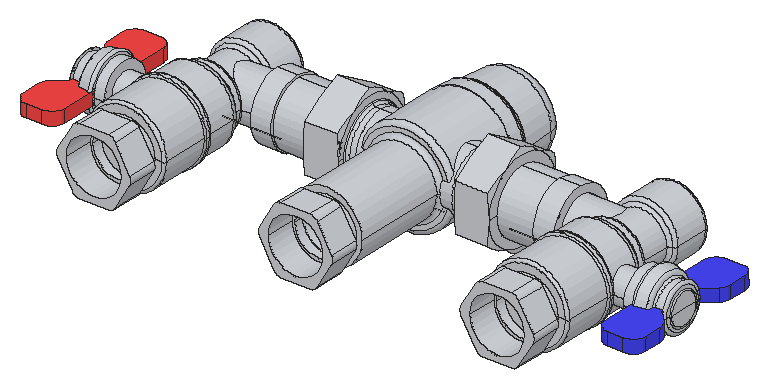
Revit family "PlumbingFixture_Valve_AVG_TMV20", category Plumbing Fixtures, host Face, Revit 2017
Family settings
  Host = Face
  Round Connector Dimension = Use Diameter
  Part Type = Normal
  Cut with Voids When Loaded = No
  Shared = No
  Room Calculation Point = No
Parameters
  Watermark_License_No. = "WMKA 20137"
  Watermark_Approval_Standard = "AS 4032.1"
  Waste Connection = no
  Vent Connection = no
  Valve_Model = "TMV20"
  URL = "https://www.avg.net.au/"
  Tolerance_Mixed-Outlet_Temp (°C ) = "±2"
  Specify_Host = "Face"
  Set_Pressure (kPa) = "NA"
  Product_Type = "TMV20"
  Product_Range = ""
  Plumbed_In_Box_Dimensions(mm) = ""
  PlumbingMaterial_ANZRS = none
  PlumbingFinish = ""
  Outlet_Type = "Compression"
  Outlet_Pressure_Range (kPa) = "NA"
  Mounting = ""
  Outlet_Size = 20 mm
  Minimum_Flow_Rate (l/min) = "4"
  Min_Temp_Differential_Hot_to_Mixed (°C ) = "10"
  Min_Temp_Differential_Cold_to_Mixed (°C ) = "5"
  Min_Supply_Pressure_Imbalance (%) = "10"
  Min_Supply_Pressure_Dynamic (kPa) = "20"
  Max_Supply_Pressure_Static (kPa) = "1000"
  Max_Supply_Pressure_Dynamic (kPa) = "500"
  Max_Flow_Rate (l/min) = "27"
  Manufacturer_Phone_No = "1800 AVG AUS (284287)"
  Manufacturer = "Australian Valve Group"
  Inlet_Type = "Compression"
  Inlet_Size_HW = 20 mm
  Hot_Water_Supply_Temp (°C ) = "60-85"
  HW Connection = no
  FilterObject_ANZRS = ""
  Factory_Set_Pressure (kPa) = "NA"
  Factory_Set_Mixed_Temp (°C ) = "40"
  Description = "Thermostatic mixing valve supplied with right angle ball valves 20mm connections. Loose nut and tail connection to valve."
  Default Elevation = 0 mm
  Comments_For_Revit = "Same basic Valve (TMV20 & TVA20)"
  Cold_Water_Supply_Temp (°C ) = "5-25"
  CategoryStyleOrType_ANZRS = ""
  Inlet_Size_CW = 20 mm
  CW Connection = no
  Bypass_Type = "NA"
  Bypass_Size = 0 mm
  Adjustable_Mixed-Outlet_Temp (°C ) = "35-45"
Reference planes
  plane 1 "Center (Front/Back)": y = 0
  plane 2: z = 0
  plane 3 "Center (Left/Right)": x = 0
Forms (mm)
  Extrusion 1, solid
    sketch origin (35.017, 0, 0) x (0, 0, -1) y (0, 1, 0)
      loop
        circle (0, 64.949) r 10
      loop
        circle (0, 64.949) r 12.518
    from 0 to 16.005
  Sweep 2, solid
    path in 3D
      loop
        arc (22.951, 64.949, 10) -> (22.951, 54.949, 0) -> (22.951, 64.949, -10) r 10
        arc (22.951, 64.949, -10) -> (22.951, 74.949, 0) -> (22.951, 64.949, 10) r 10
    profile origin (22.951, 74.949, 0) x (0, -1, 0) y (1, 0, 0)
      loop
        arc (-3.259, -1.022) -> (-2.781, -1.332) -> (-2.524, -1.839) r 1.095
        line (-2.524, -1.839) -> (-2.524, -4.182) -> (-2.524, -14.613) -> (5.063, -18.15) -> (9.945, -18.15) -> (9.945, 0) -> (-4.281, 0) -> (-3.259, -1.022)
  Extrusion 3, solid
    sketch origin (-59.072, 0, 0) x (0, 0, 1) y (0, -1, 0)
      loop
        circle (0, -64.949) r 10
      loop
        circle (0, -64.949) r 13.1
    from 0 to 8.049
  Extrusion 4, solid
    sketch origin (-35.017, 0, 0) x (0, 0, -1) y (0, -1, 0)
      loop
        circle (0, -64.949) r 10
      loop
        circle (0, -64.949) r 12.518
    from 0 to 16.005
  Sweep 5, solid
    path in 3D
      loop
        arc (-22.951, 64.949, 10) -> (-22.951, 54.949, 0) -> (-22.951, 64.949, -10) r 10
        arc (-22.951, 64.949, -10) -> (-22.951, 74.949, 0) -> (-22.951, 64.949, 10) r 10
    profile origin (-22.951, 74.949, 0) x (0, 1, 0) y (-1, 0, 0)
      loop
        line (3.259, -1.022) -> (4.281, 0) -> (-9.945, 0) -> (-9.945, -15.65) -> (-5.063, -15.65) -> (2.524, -12.113) -> (2.524, -4.182) -> (2.524, -1.839)
        arc (2.524, -1.839) -> (2.781, -1.332) -> (3.259, -1.022) r 1.095
  Extrusion 6, solid
    sketch origin (0, 0, 0) x (1, 0, 0) y (0, 0, -1)
      loop
        circle (0, 0) r 15
      loop
        circle (0, 0) r 10.645
    from 0 to 11.429
  Extrusion 7, solid
    sketch origin (0, 0, 0) x (1, 0, 0) y (0, 0, -1)
      loop
        circle (0, 0) r 9.445
      loop
        circle (0, 0) r 13.748
    from 15.207 to 51.306
  Extrusion 8, solid
    sketch origin (0, 0, 0) x (1, 0, 0) y (0, 0, -1)
      loop
        circle (0, 0) r 9.445
      loop
        circle (0, 0) r 18.877
    from 55.405 to 82.247
  Extrusion 9, solid
    sketch origin (0, 0, 0) x (1, 0, 0) y (0, 0, -1)
      loop
        circle (0, 0) r 17.297
    from 82.247 to 85.601
  Extrusion 10, solid
    sketch origin (-0.866, 85.601, 2.478) x (1, 0, 0) y (0, 0, -1)
      loop
        circle (0.866, 2.478) r 12.243
    from 0 to 1.288
  Extrusion 11, solid
    sketch origin (-0.866, 85.601, 2.478) x (1, 0, 0) y (0, 0, -1)
      loop
        arc (13.026, -0.692) -> (13.315, -0.121) -> (13.278, 0.519) r 1.237
        line (13.278, 0.519) -> (9.764, 11.181)
        arc (9.764, 11.181) -> (9.39, 11.752) -> (8.781, 12.059) r 1.317
        line (8.781, 12.059) -> (-2.171, 14.338)
        arc (-2.171, 14.338) -> (-2.846, 14.3) -> (-3.412, 13.929) r 1.307
        line (-3.412, 13.929) -> (-10.915, 5.525)
        arc (-10.915, 5.525) -> (-11.19, 4.979) -> (-11.155, 4.369) r 1.18
        line (-11.155, 4.369) -> (-7.585, -6.46)
        arc (-7.585, -6.46) -> (-7.28, -6.926) -> (-6.782, -7.177) r 1.077
        line (-6.782, -7.177) -> (4.415, -9.507)
        arc (4.415, -9.507) -> (4.944, -9.48) -> (5.408, -9.226) r 1.192
        line (5.408, -9.226) -> (13.026, -0.692)
    from 1.288 to 7.21
  Extrusion 12, solid
    sketch origin (0, 0, 0) x (1, 0, 0) y (0, 0, -1)
      loop
        line (-1.607, -10.787) -> (8.538, -6.786) -> (10.146, 4.001) -> (1.607, 10.787) -> (-8.538, 6.786) -> (-10.146, -4.001) -> (-1.607, -10.787)
    from 92.812 to 95.815
  Extrusion 13, solid
    sketch origin (-0.866, 85.601, 2.478) x (1, 0, 0) y (0, 0, -1)
      loop
        circle (0.866, 2.478) r 7.799
    from 10.213 to 17.256
  Extrusion 14, solid
    sketch origin (-0.866, 85.601, 2.478) x (1, 0, 0) y (0, 0, -1)
      loop
        line (-0.382, -3.158) -> (6.869, 1.923)
        arc (6.869, 1.923) -> (7.394, 3.052) -> (6.68, 4.071) r 1.245
        line (6.68, 4.071) -> (-1.225, 7.754)
        arc (-1.225, 7.754) -> (-2.738, 7.621) -> (-3.38, 6.244) r 1.519
        line (-3.38, 6.244) -> (-2.646, -2.103)
        arc (-2.646, -2.103) -> (-1.819, -3.284) -> (-0.382, -3.158) r 1.442
    from 17.256 to 20.118
  Sweep 15, solid
    path in 3D
      loop
        arc (13.748, 51.306, 0) -> (0, 51.306, 13.748) -> (-13.748, 51.306, 0) r 13.748
        arc (-13.748, 51.306, 0) -> (0, 51.306, -13.748) -> (13.748, 51.306, 0) r 13.748
    profile origin (0, 51.306, -13.748) x (0, 0, -1) y (0, 1, 0)
      loop
        arc (0, 0) -> (0.365, 1.352) -> (1.589, 2.034) r 1.8
        line (1.589, 2.034) -> (-12.067, 2.034) -> (-12.067, 0) -> (0, 0)
  Sweep 16, solid
    path in 3D
      loop
        arc (-18.877, 55.405, 0) -> (0, 55.405, 18.877) -> (18.877, 55.405, 0) r 18.877
        arc (18.877, 55.405, 0) -> (0, 55.405, -18.877) -> (-18.877, 55.405, 0) r 18.877
    profile origin (0, 55.405, -18.877) x (0, 0, -1) y (0, -1, 0)
      loop
        arc (0, 0) -> (-0.394, 1.301) -> (-1.561, 1.998) r 1.882
        line (-1.561, 1.998) -> (-12.221, 1.998) -> (-12.221, 0) -> (0, 0)
  Revolve 17, solid
    sketch origin (-0.076, -1.563, 0) x (1, 0, 0) y (0, 1, 0)
      loop
        line (0, 111.863) -> (-9.563, 111.863)
        arc (-9.563, 111.863) -> (-14.337, 109.983) -> (-16.546, 105.353) r 7
        line (-16.546, 105.353) -> (-17.491, 91.879) -> (-18.294, 90.525)
        arc (-18.294, 90.525) -> (-18.58, 90.109) -> (-18.698, 89.618) r 1.383
        line (-18.698, 89.618) -> (-19, 83.863) -> (0, 83.863) -> (0, 111.863)
      axis (0, 83.863) -> (0, 111.863)
    angle from 0 to 360
  Extrusion 18, void
    sketch origin (0, 82.247, 0) x (-1, 0, 0) y (0, 0, -1)
      loop
        line (2.091, 5.276) -> (-5.814, 1.593)
        arc (-5.814, 1.593) -> (-6.529, 0.574) -> (-6.003, -0.555) r 1.245
        line (-6.003, -0.555) -> (1.248, -5.636)
        arc (1.248, -5.636) -> (2.684, -5.762) -> (3.512, -4.581) r 1.442
        line (3.512, -4.581) -> (4.245, 3.766)
        arc (4.245, 3.766) -> (3.604, 5.143) -> (2.091, 5.276) r 1.519
    from -26.235 to -31.337
  Revolve 19, solid
    sketch origin (0, 0, 0) x (1, 0, 0) y (0, 1, 0)
      loop
        line (-78.5, 89.589) -> (-84.15, 89.589)
        arc (-84.15, 89.589) -> (-86.634, 88.333) -> (-88.842, 86.639) r 14.976
        line (-88.842, 86.639) -> (-90.15, 86.639)
        arc (-90.15, 86.639) -> (-90.857, 86.346) -> (-91.15, 85.639) r 1
        line (-91.15, 85.639) -> (-91.15, 72.216)
        arc (-91.15, 72.216) -> (-90.768, 71.364) -> (-89.949, 70.917) r 1.462
        arc (-89.949, 70.917) -> (-89.142, 70.426) -> (-88.65, 69.618) r 2
        line (-88.65, 69.618) -> (-88.65, 58.159)
        arc (-88.65, 58.159) -> (-89.177, 57.317) -> (-90.044, 56.833) r 2
        arc (-90.044, 56.833) -> (-90.793, 56.367) -> (-91.15, 55.561) r 1.5
        line (-91.15, 55.561) -> (-91.15, 53.053)
        arc (-91.15, 53.053) -> (-91.592, 52.134) -> (-92.343, 51.444) r 2.708
        arc (-92.343, 51.444) -> (-93.233, 50.513) -> (-93.557, 49.265) r 2.562
        line (-93.557, 49.265) -> (-93.557, 37.422)
        arc (-93.557, 37.422) -> (-94.114, 37.069) -> (-94.4, 36.475) r 1.2
        line (-94.4, 36.475) -> (-94.4, 34.771)
        arc (-94.4, 34.771) -> (-94.299, 34.337) -> (-93.9, 34.139) r 0.522
        line (-93.9, 34.139) -> (-93.9, 16.205)
        arc (-93.9, 16.205) -> (-93.608, 15.499) -> (-92.902, 15.207) r 0.998
        line (-92.902, 15.207) -> (-78.5, 15.207) -> (-78.5, 89.589)
      axis (-78.5, 89.589) -> (-78.5, 15.207)
    angle from 0 to 360
  Revolve 20, solid
    sketch origin (0, 0, 0) x (1, 0, 0) y (0, 1, 0)
      loop
        line (-78.5, 43.139) -> (-78.5, 49.639) -> (-101.15, 49.639) -> (-101.15, 53.139) -> (-105.15, 53.139) -> (-105.15, 54.032)
        arc (-105.15, 54.032) -> (-105.635, 54.572) -> (-106.351, 54.684) r 1.082
        line (-106.351, 54.684) -> (-110.324, 53.936)
        arc (-110.324, 53.936) -> (-110.948, 53.254) -> (-111.192, 52.362) r 1.965
        arc (-111.192, 52.362) -> (-111.508, 51.843) -> (-112.063, 51.595) r 1.02
        line (-112.063, 51.595) -> (-115.237, 51.283) -> (-115.237, 52.142)
        arc (-115.237, 52.142) -> (-115.896, 51.674) -> (-116.149, 50.906) r 1.293
        line (-116.149, 50.906) -> (-116.149, 49.639)
        arc (-116.149, 49.639) -> (-116.511, 49.39) -> (-116.65, 48.974) r 0.691
        line (-116.65, 48.974) -> (-116.65, 43.139) -> (-78.5, 43.139)
      axis (-116.65, 43.139) -> (-78.5, 43.139)
    angle from 0 to 360
  Extrusion 21, solid, material "HWS Handle"
    sketch origin (0, 0, 0) x (1, 0, 0) y (0, 1, 0)
      loop
        arc (-105.15, 67.106) -> (-106.614, 70.642) -> (-110.15, 72.106) r 5
        line (-110.15, 72.106) -> (-116.15, 72.106)
        arc (-116.15, 72.106) -> (-119.686, 70.642) -> (-121.15, 67.106) r 5
        line (-121.15, 67.106) -> (-121.15, 60.29)
        arc (-121.15, 60.29) -> (-120.769, 58.376) -> (-119.686, 56.754) r 5
        line (-119.686, 56.754) -> (-115.237, 52.306) -> (-115.237, 33.972) -> (-119.603, 29.606)
        arc (-119.603, 29.606) -> (-120.748, 27.892) -> (-121.15, 25.871) r 5.281
        line (-121.15, 25.871) -> (-121.15, 19.172)
        arc (-121.15, 19.172) -> (-119.686, 15.636) -> (-116.15, 14.172) r 5
        line (-116.15, 14.172) -> (-110.15, 14.172)
        arc (-110.15, 14.172) -> (-106.614, 15.636) -> (-105.15, 19.172) r 5
        line (-105.15, 19.172) -> (-105.15, 67.106)
    from -2.5 to 2.5
  Revolve 22, solid
    sketch origin (0, 0, 0) x (-1, 0, 0) y (0, -1, 0)
      loop
        line (-8.227, -53.051) -> (-22.52, -53.051) -> (-22.52, -49.089) -> (-23.397, -44.966) -> (-35.294, -44.966) -> (-36.17, -49.089) -> (-36.17, -55.561) -> (-78.5, -55.561) -> (-78.5, -65.089) -> (-8.227, -65.089) -> (-8.227, -53.051)
      axis (-78.5, -65.089) -> (-8.227, -65.089)
    angle from 0 to 360
  Revolve 23, solid
    sketch origin (0, 0, 0) x (1, 0, 0) y (0, 1, 0)
      loop
        line (-8.227, 53.051) -> (-8.227, 65.089) -> (-78.5, 65.089) -> (-78.5, 55.561) -> (-36.17, 55.561) -> (-36.17, 49.089) -> (-35.294, 44.966) -> (-23.397, 44.966) -> (-22.52, 49.089) -> (-22.52, 53.051) -> (-8.227, 53.051)
      axis (-78.5, 65.089) -> (-8.227, 65.089)
    angle from 0 to 360
  Extrusion 24, void
    sketch origin (29.345, 1219.2, -20.123) x (0, 0, 1) y (0, 1, 0)
      loop
        circle (20.123, -1154.111) r 21.047
      loop
        line (10.885, -1138.111) -> (1.647, -1154.111) -> (10.885, -1170.111) -> (29.36, -1170.111) -> (38.598, -1154.111) -> (29.36, -1138.111) -> (10.885, -1138.111)
    from 10 to -10
  Extrusion 25, void
    sketch origin (-29.345, 1219.2, -20.123) x (0, 0, 1) y (0, 1, 0)
      loop
        circle (20.123, -1154.111) r 21.871
      loop
        line (10.885, -1138.111) -> (1.647, -1154.111) -> (10.885, -1170.111) -> (29.36, -1170.111) -> (38.598, -1154.111) -> (29.36, -1138.111) -> (10.885, -1138.111)
    from 10 to -10
  Extrusion 26, void
    sketch origin (78.5, 0, 0) x (1, 0, 0) y (0, 0, -1)
      loop
        circle (-78.5, 0) r 20
      loop
        line (-86.929, 11.4) -> (-92.59, 1.595)
        arc (-92.59, 1.595) -> (-93.018, 0) -> (-92.59, -1.595) r 3.19
        line (-92.59, -1.595) -> (-86.939, -11.383)
        arc (-86.939, -11.383) -> (-85.755, -12.567) -> (-84.138, -13) r 3.234
        line (-84.138, -13) -> (-72.842, -13)
        arc (-72.842, -13) -> (-71.242, -12.571) -> (-70.071, -11.4) r 3.2
        line (-70.071, -11.4) -> (-64.413, -1.6)
        arc (-64.413, -1.6) -> (-63.984, 0) -> (-64.413, 1.6) r 3.2
        line (-64.413, 1.6) -> (-70.071, 11.4)
        arc (-70.071, 11.4) -> (-71.242, 12.571) -> (-72.842, 13) r 3.2
        line (-72.842, 13) -> (-84.158, 13)
        arc (-84.158, 13) -> (-85.758, 12.571) -> (-86.929, 11.4) r 3.2
    from 0 to 11.429
  Extrusion 27, solid
    sketch origin (0, 0, 0) x (1, 0, 0) y (0, 0, -1)
      loop
        circle (0, 0) r 9.445
      loop
        circle (0, 0) r 11.397
    from 15.207 to 11.429
  Extrusion 28, solid
    sketch origin (-78.5, 0, 0) x (1, 0, 0) y (0, 0, -1)
      loop
        circle (0, 0) r 15
      loop
        circle (0, 0) r 10.645
    from 0 to 11.429
  Extrusion 29, void
    sketch origin (0, 0, 0) x (1, 0, 0) y (0, 0, -1)
      loop
        circle (-78.5, 0) r 20
      loop
        line (-86.929, 11.4) -> (-92.59, 1.595)
        arc (-92.59, 1.595) -> (-93.018, 0) -> (-92.59, -1.595) r 3.19
        line (-92.59, -1.595) -> (-86.939, -11.383)
        arc (-86.939, -11.383) -> (-85.755, -12.567) -> (-84.138, -13) r 3.234
        line (-84.138, -13) -> (-72.842, -13)
        arc (-72.842, -13) -> (-71.242, -12.571) -> (-70.071, -11.4) r 3.2
        line (-70.071, -11.4) -> (-64.413, -1.6)
        arc (-64.413, -1.6) -> (-63.984, 0) -> (-64.413, 1.6) r 3.2
        line (-64.413, 1.6) -> (-70.071, 11.4)
        arc (-70.071, 11.4) -> (-71.242, 12.571) -> (-72.842, 13) r 3.2
        line (-72.842, 13) -> (-84.158, 13)
        arc (-84.158, 13) -> (-85.758, 12.571) -> (-86.929, 11.4) r 3.2
    from 0 to 11.429
  Extrusion 30, solid
    sketch origin (-78.5, 0, 0) x (1, 0, 0) y (0, 0, -1)
      loop
        circle (0, 0) r 9.445
      loop
        circle (0, 0) r 11.397
    from 15.207 to 11.429
  Extrusion 31, solid
    sketch origin (59.072, 0, 0) x (0, 0, 1) y (0, 1, 0)
      loop
        circle (0, 64.949) r 10
      loop
        circle (0, 64.949) r 13.1
    from 0 to 8.049
  Revolve 32, solid
    sketch origin (0, 0, 0) x (-1, 0, 0) y (0, -1, 0)
      loop
        line (-78.5, -89.589) -> (-78.5, -15.207) -> (-92.902, -15.207)
        arc (-92.902, -15.207) -> (-93.608, -15.499) -> (-93.9, -16.205) r 0.998
        line (-93.9, -16.205) -> (-93.9, -34.139)
        arc (-93.9, -34.139) -> (-94.299, -34.337) -> (-94.4, -34.771) r 0.522
        line (-94.4, -34.771) -> (-94.4, -36.475)
        arc (-94.4, -36.475) -> (-94.114, -37.069) -> (-93.557, -37.422) r 1.2
        line (-93.557, -37.422) -> (-93.557, -49.265)
        arc (-93.557, -49.265) -> (-93.233, -50.513) -> (-92.343, -51.444) r 2.562
        arc (-92.343, -51.444) -> (-91.592, -52.134) -> (-91.15, -53.053) r 2.708
        line (-91.15, -53.053) -> (-91.15, -55.561)
        arc (-91.15, -55.561) -> (-90.793, -56.367) -> (-90.044, -56.833) r 1.5
        arc (-90.044, -56.833) -> (-89.177, -57.317) -> (-88.65, -58.159) r 2
        line (-88.65, -58.159) -> (-88.65, -69.618)
        arc (-88.65, -69.618) -> (-89.142, -70.426) -> (-89.949, -70.917) r 2
        arc (-89.949, -70.917) -> (-90.768, -71.364) -> (-91.15, -72.216) r 1.462
        line (-91.15, -72.216) -> (-91.15, -85.639)
        arc (-91.15, -85.639) -> (-90.857, -86.346) -> (-90.15, -86.639) r 1
        line (-90.15, -86.639) -> (-88.842, -86.639)
        arc (-88.842, -86.639) -> (-86.634, -88.333) -> (-84.15, -89.589) r 14.976
        line (-84.15, -89.589) -> (-78.5, -89.589)
      axis (-78.5, -89.589) -> (-78.5, -15.207)
    angle from 0 to 360
  Revolve 33, solid
    sketch origin (0, 0, 0) x (-1, 0, 0) y (0, -1, 0)
      loop
        line (-78.5, -43.139) -> (-116.65, -43.139) -> (-116.65, -48.974)
        arc (-116.65, -48.974) -> (-116.511, -49.39) -> (-116.149, -49.639) r 0.691
        line (-116.149, -49.639) -> (-116.149, -50.906)
        arc (-116.149, -50.906) -> (-115.896, -51.674) -> (-115.237, -52.142) r 1.293
        line (-115.237, -52.142) -> (-115.237, -51.283) -> (-112.063, -51.595)
        arc (-112.063, -51.595) -> (-111.508, -51.843) -> (-111.192, -52.362) r 1.02
        arc (-111.192, -52.362) -> (-110.948, -53.254) -> (-110.324, -53.936) r 1.965
        line (-110.324, -53.936) -> (-106.351, -54.684)
        arc (-106.351, -54.684) -> (-105.635, -54.572) -> (-105.15, -54.032) r 1.082
        line (-105.15, -54.032) -> (-105.15, -53.139) -> (-101.15, -53.139) -> (-101.15, -49.639) -> (-78.5, -49.639) -> (-78.5, -43.139)
      axis (-116.65, -43.139) -> (-78.5, -43.139)
    angle from 0 to 360
  Extrusion 34, solid, material "CWS Handle"
    sketch origin (0, 0, 0) x (-1, 0, 0) y (0, -1, 0)
      loop
        line (-105.15, -67.106) -> (-105.15, -19.172)
        arc (-105.15, -19.172) -> (-106.614, -15.636) -> (-110.15, -14.172) r 5
        line (-110.15, -14.172) -> (-116.15, -14.172)
        arc (-116.15, -14.172) -> (-119.686, -15.636) -> (-121.15, -19.172) r 5
        line (-121.15, -19.172) -> (-121.15, -25.871)
        arc (-121.15, -25.871) -> (-120.748, -27.892) -> (-119.603, -29.606) r 5.281
        line (-119.603, -29.606) -> (-115.237, -33.972) -> (-115.237, -52.306) -> (-119.686, -56.754)
        arc (-119.686, -56.754) -> (-120.769, -58.376) -> (-121.15, -60.29) r 5
        line (-121.15, -60.29) -> (-121.15, -67.106)
        arc (-121.15, -67.106) -> (-119.686, -70.642) -> (-116.15, -72.106) r 5
        line (-116.15, -72.106) -> (-110.15, -72.106)
        arc (-110.15, -72.106) -> (-106.614, -70.642) -> (-105.15, -67.106) r 5
    from -2.5 to 2.5
  Extrusion 35, solid
    sketch origin (78.5, 0, 0) x (-1, 0, 0) y (0, 0, 1)
      loop
        circle (0, 0) r 15
      loop
        circle (0, 0) r 10.645
    from 0 to 11.429
  Extrusion 36, void
    sketch origin (0, 0, 0) x (-1, 0, 0) y (0, 0, 1)
      loop
        circle (-78.5, 0) r 20
      loop
        arc (-86.929, -11.4) -> (-85.758, -12.571) -> (-84.158, -13) r 3.2
        line (-84.158, -13) -> (-72.842, -13)
        arc (-72.842, -13) -> (-71.242, -12.571) -> (-70.071, -11.4) r 3.2
        line (-70.071, -11.4) -> (-64.413, -1.6)
        arc (-64.413, -1.6) -> (-63.984, 0) -> (-64.413, 1.6) r 3.2
        line (-64.413, 1.6) -> (-70.071, 11.4)
        arc (-70.071, 11.4) -> (-71.242, 12.571) -> (-72.842, 13) r 3.2
        line (-72.842, 13) -> (-84.138, 13)
        arc (-84.138, 13) -> (-85.755, 12.567) -> (-86.939, 11.383) r 3.234
        line (-86.939, 11.383) -> (-92.59, 1.595)
        arc (-92.59, 1.595) -> (-93.018, 0) -> (-92.59, -1.595) r 3.19
        line (-92.59, -1.595) -> (-86.929, -11.4)
    from 0 to 11.429
  Extrusion 37, solid
    sketch origin (78.5, 0, 0) x (-1, 0, 0) y (0, 0, 1)
      loop
        circle (0, 0) r 9.445
      loop
        circle (0, 0) r 11.397
    from 15.207 to 11.429
Cuts and joins
  Extrusion 18 cuts Extrusion 7
  Extrusion 18 cuts Sweep 15
  joined: Extrusion 7, Sweep 15
  joined: Extrusion 8, Sweep 16
  Extrusion 18 cuts Sweep 2
  Extrusion 18 cuts Extrusion 9
  Extrusion 18 cuts Revolve 17
  Extrusion 25 cuts Revolve 23
  Extrusion 24 cuts Revolve 22
  Extrusion 26, Extrusion 29 cuts Extrusion 6
  Extrusion 29, Extrusion 36 cuts Extrusion 28
  Extrusion 36 cuts Extrusion 35
Lines and regions (mm)
  sketch lines
    curve 1: arc (22.951, 64.949, -10) -> (22.951, 74.949, 0) -> (22.951, 64.949, 10) r 10
    curve 2: arc (22.951, 64.949, 10) -> (22.951, 54.949, 0) -> (22.951, 64.949, -10) r 10
    curve 3: arc (-22.951, 64.949, -10) -> (-22.951, 74.949, 0) -> (-22.951, 64.949, 10) r 10
    curve 4: arc (-22.951, 64.949, 10) -> (-22.951, 54.949, 0) -> (-22.951, 64.949, -10) r 10
    curve 5: arc (-13.748, 51.306, 0) -> (0, 51.306, -13.748) -> (13.748, 51.306, 0) r 13.748
    curve 6: arc (13.748, 51.306, 0) -> (0, 51.306, 13.748) -> (-13.748, 51.306, 0) r 13.748
    curve 7: arc (18.877, 55.405, 0) -> (0, 55.405, -18.877) -> (-18.877, 55.405, 0) r 18.877
    curve 8: arc (-18.877, 55.405, 0) -> (0, 55.405, 18.877) -> (18.877, 55.405, 0) r 18.877
Dimensions and locks
  aligned and locked: plane 2 to host face
  aligned and locked: level to host face
  aligned and locked: plane 3 "Center (Left/Right)" to Extrusion 6 sketch curve
  aligned and locked: Extrusion 14 to Extrusion 13
  aligned and locked: Extrusion 9 to Extrusion 8
Connectors
  piping at (0, 0, 0), diameter 20, driven by "Outlet_Size"
    settings: on Extrusion 6, index 1, connector inside diameter 609.6 mm, connector length 0 mm, flow factor 0, pipe flow 0.0 L/s, pressure drop 0.0 kPa, fitting loss kfactor 0, connector angle 0.00°, fixture units 0, engagement length 0 mm, angle of deflection 0.00°, flow configuration 0, flow direction 2, fitting loss method 0, system type 19, joint type 0, gender type 0, connector reference index -1, connector utility 0, adjustable connector no, is connector primary yes, connector description "MixedWater"
  piping at (78.5, 0, 0), diameter 20, driven by "Inlet_Size_CW"
    settings: on cut or joined group of Extrusion 35, Extrusion 36, index 2, connector inside diameter 609.6 mm, connector length 0 mm, flow factor 0, pipe flow 0.0 L/s, pressure drop 0.0 kPa, fitting loss kfactor 0, connector angle 0.00°, fixture units 0, engagement length 0 mm, angle of deflection 0.00°, flow configuration 0, flow direction 1, fitting loss method 0, system type 20, joint type 0, gender type 0, connector reference index -1, connector utility 0, adjustable connector no, is connector primary no, connector description ""
  piping at (-78.5, 0, 0), diameter 20, driven by "Inlet_Size_HW"
    settings: on cut or joined group of Extrusion 28, Extrusion 29, Extrusion 36, index 3, connector inside diameter 609.6 mm, connector length 0 mm, flow factor 0, pipe flow 0.0 L/s, pressure drop 0.0 kPa, fitting loss kfactor 0, connector angle 0.00°, fixture units 0, engagement length 0 mm, angle of deflection 0.00°, flow configuration 0, flow direction 1, fitting loss method 0, system type 19, joint type 0, gender type 0, connector reference index -1, connector utility 0, adjustable connector no, is connector primary no, connector description ""
